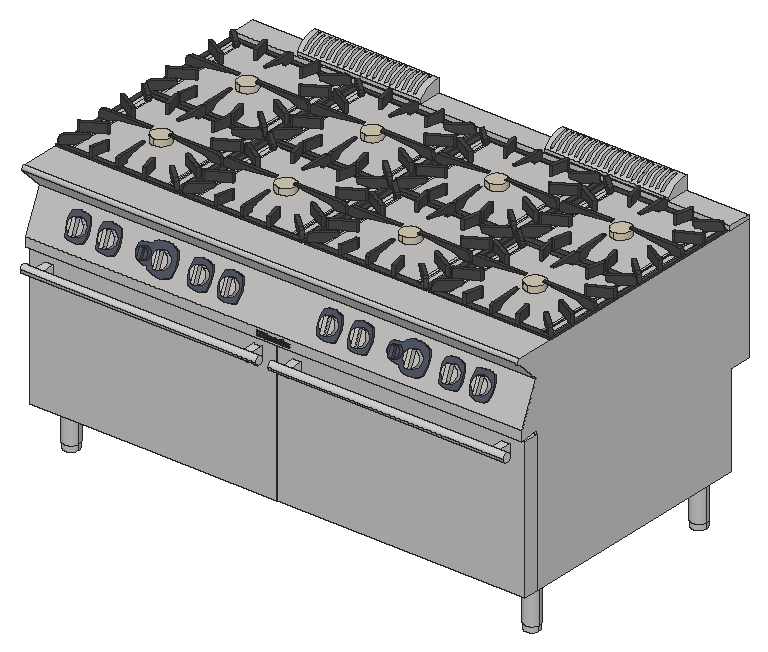
Revit family "QF_ELECTROLUXPROFESSIONAL_391017_E9GCGP8CG0", category Specialty Equipment, Revit 2018 (continued)
Definition of nested family "371009_BURNER"
  Lines and regions (mm)
    symbolic lines
      curve 28: line (191.85, -11.007, 150) -> (201.85, -11.007, 150)
      curve 29: line (191.85, -0.794, 150) -> (201.85, -0.794, 150)
      curve 30: line (201.85, -340.6, 150) -> (275.077, -340.6, 150)
      curve 31: arc (196.85, -145.397, 0) -> (166.955, -172.888, 0) -> (191.85, -204.977, 0) r 30
      curve 32: arc (201.85, -204.977, 0) -> (226.745, -172.888, 0) -> (196.85, -145.397, 0) r 30
      curve 33: arc (158.678, -180.397, 0) -> (170.734, -200.207, 0) -> (191.85, -209.795, 0) r 39.375
      curve 34: line (163.825, -170.397, 150) -> (163.825, -15, 150)
      curve 35: line (229.875, -170.397, 150) -> (229.875, -15, 150)
      curve 36: line (144.775, -170.397, 150) -> (144.775, -15, 150)
      curve 37: line (248.925, -170.397, 150) -> (248.925, -15, 150)
      curve 38: arc (145.678, -180.397, 0) -> (161.728, -209.187, 0) -> (191.85, -222.573, 0) r 52.075
      curve 39: arc (201.85, -209.795, 0) -> (222.966, -200.207, 0) -> (235.022, -180.397, 0) r 39.375
      curve 40: arc (201.85, -222.573, 0) -> (231.931, -209.224, 0) -> (248.001, -180.504, 0) r 52.075
      curve 41: line (393.7, 0, 0) -> (0, 0, 0)
      curve 42: line (70.445, -122.149, 0) -> (7.81, -87.734, 0)
      curve 43: arc (7.81, -87.734, 0) -> (1.021, -89.708, 0) -> (2.995, -96.498, 0) r 5
      curve 44: line (2.995, -96.498, 0) -> (65.629, -130.914, 0)
      curve 45: arc (65.629, -130.914, 0) -> (72.419, -128.939, 0) -> (70.445, -122.149, 0) r 5
      curve 46: line (65.629, -224.686, 0) -> (2.995, -259.102, 0)
      curve 47: arc (2.995, -259.102, 0) -> (1.021, -265.892, 0) -> (7.81, -267.866, 0) r 5
      curve 48: line (7.81, -267.866, 0) -> (70.445, -233.451, 0)
      curve 49: arc (70.445, -233.451, 0) -> (72.419, -226.661, 0) -> (65.629, -224.686, 0) r 5
      curve 50: line (323.255, -122.149, 0) -> (385.89, -87.734, 0)
      curve 51: arc (385.89, -87.734, 0) -> (392.679, -89.708, 0) -> (390.705, -96.498, 0) r 5
      curve 52: line (390.705, -96.498, 0) -> (328.071, -130.914, 0)
      curve 53: arc (328.071, -130.914, 0) -> (321.281, -128.939, 0) -> (323.255, -122.149, 0) r 5
      curve 54: line (328.071, -224.686, 0) -> (390.705, -259.102, 0)
      curve 55: arc (390.705, -259.102, 0) -> (392.679, -265.892, 0) -> (385.89, -267.866, 0) r 5
      curve 56: line (385.89, -267.866, 0) -> (323.255, -233.451, 0)
      curve 57: arc (323.255, -233.451, 0) -> (321.281, -226.661, 0) -> (328.071, -224.686, 0) r 5
      curve 58: line (118.623, -340.6, 150) -> (191.85, -340.6, 150)
      curve 59: line (285.34, -340.6, 150) -> (369.633, -340.6, 150)
      curve 60: line (378.7, -335.314, 0) -> (378.7, -263.916, 0)
      curve 61: line (1.326, -7.935, 0) -> (58.752, -59.804, 0)
      curve 62: line (65.455, -52.383, 0) -> (8.029, -0.514, 0)
      curve 63: arc (58.752, -59.804, 0) -> (65.814, -59.445, 0) -> (65.455, -52.383, 0) r 5
      curve 64: line (1.326, -7.935, 0) -> (8.029, -0.514, 0)
      curve 65: line (392.374, -7.935, 0) -> (334.948, -59.804, 0)
      curve 66: line (328.245, -52.383, 0) -> (385.671, -0.514, 0)
      curve 67: arc (334.948, -59.804, 0) -> (327.886, -59.445, 0) -> (328.245, -52.383, 0) r 5
      curve 68: line (392.374, -7.935, 0) -> (385.671, -0.514, 0)
      curve 69: line (392.374, -347.665, 0) -> (334.948, -295.796, 0)
      curve 70: line (328.245, -303.217, 0) -> (385.671, -355.086, 0)
      curve 71: arc (334.948, -295.796, 0) -> (327.886, -296.155, 0) -> (328.245, -303.217, 0) r 5
      curve 72: line (392.374, -347.665, 0) -> (385.671, -355.086, 0)
      curve 73: line (1.326, -347.665, 0) -> (58.752, -295.796, 0)
      curve 74: line (65.455, -303.217, 0) -> (8.029, -355.086, 0)
      curve 75: arc (58.752, -295.796, 0) -> (65.814, -296.155, 0) -> (65.455, -303.217, 0) r 5
      curve 76: line (1.326, -347.665, 0) -> (8.029, -355.086, 0)
      curve 77: line (347.901, -15, 0) -> (347.901, -34.629, 0)
      curve 78: line (347.901, -320.971, 0) -> (347.901, -340.6, 0)
      curve 79: line (378.7, -252.506, 0) -> (378.7, -180.397, 0)
      curve 80: line (347.901, -246.993, 0) -> (347.901, -307.496, 0)
      curve 81: line (378.7, -170.397, 0) -> (378.7, -103.094, 0)
      curve 82: line (347.901, -180.397, 0) -> (347.901, -235.582, 0)
      curve 83: line (378.7, -91.684, 0) -> (378.7, -20.286, 0)
      curve 84: line (347.901, -120.018, 0) -> (347.901, -170.397, 0)
      curve 85: line (347.901, -48.104, 0) -> (347.901, -108.607, 0)
      curve 86: line (275.077, -15, 150) -> (201.85, -15, 150)
      curve 87: line (108.36, -15, 150) -> (24.067, -15, 150)
      curve 88: line (45.799, -40, 150) -> (45.799, -15, 150)
      curve 89: line (45.799, -108.607, 150) -> (45.799, -40, 150)
      curve 90: line (15, -20.286, 0) -> (15, -91.684, 0)
      curve 91: line (15, -103.094, 0) -> (15, -170.397, 0)
      curve 92: line (45.799, -170.397, 150) -> (45.799, -120.018, 150)
      curve 93: line (45.799, -235.582, 150) -> (45.799, -180.397, 150)
      curve 94: line (15, -263.916, 150) -> (15, -335.314, 150)
      curve 95: line (45.799, -307.496, 150) -> (45.799, -246.993, 150)
      curve 96: line (116.378, -350.325, 0) -> (127.56, -301.889, 0)
      curve 97: arc (127.56, -301.889, 0) -> (123.813, -295.892, 0) -> (117.816, -299.64, 0) r 5
      curve 98: line (117.816, -299.64, 0) -> (106.634, -348.076, 0)
      curve 99: arc (106.634, -348.076, 0) -> (110.381, -354.072, 0) -> (116.378, -350.325, 0) r 5
      curve 100: line (266.14, -301.889, 0) -> (277.322, -350.325, 0)
      curve 101: arc (277.322, -350.325, 0) -> (283.319, -354.072, 0) -> (287.066, -348.076, 0) r 5
      curve 102: line (287.066, -348.076, 0) -> (275.884, -299.64, 0)
      curve 103: arc (275.884, -299.64, 0) -> (269.887, -295.892, 0) -> (266.14, -301.889, 0) r 5
      curve 104: line (275.884, -55.96, 0) -> (287.066, -7.524, 0)
      curve 105: arc (287.066, -7.524, 0) -> (283.319, -1.528, 0) -> (277.322, -5.275, 0) r 5
      curve 106: line (277.322, -5.275, 0) -> (266.14, -53.711, 0)
      curve 107: arc (266.14, -53.711, 0) -> (269.887, -59.708, 0) -> (275.884, -55.96, 0) r 5
      curve 108: line (127.56, -53.711, 0) -> (116.378, -5.275, 0)
      curve 109: arc (116.378, -5.275, 0) -> (110.381, -1.528, 0) -> (106.634, -7.524, 0) r 5
      curve 110: line (106.634, -7.524, 0) -> (117.816, -55.96, 0)
      curve 111: arc (117.816, -55.96, 0) -> (123.813, -59.708, 0) -> (127.56, -53.711, 0) r 5
  Dimensions and locks
    equal spacing: plane 3 "LEFT", plane 7 "Center Y", plane 4 "RIGHT"
    plane 3 "LEFT" to plane 4 "RIGHT" = 393.7 mm
    equal spacing: plane 5 "FRONT", plane 8 "Center X", plane 1 "BACK"
    plane 5 "FRONT" to plane 1 "BACK" = 355.6 mm
    plane 6 "TOP" to level = 908.85 mm
    plane 9 "Base" to level = 150 mm
    plane 6 "TOP" to plane 10 = 58 mm  (x2)
    locked: Extrusion 4 sketch curve to plane 7 "Center Y" at 0
    aligned and locked: level to plane 2
  Automatic sketch dimensions
    curve 10 to plane 4 "RIGHT" = 0 mm
    curve 20 to plane 7 "Center Y" = 0 mm
    curve 19 to plane 7 "Center Y" = 0 mm
    curve 9 to plane 3 "LEFT" = 0 mm
    plane 1 "BACK" to curve 2 = 0 mm
    plane 1 "BACK" to curve 3 = 0 mm
    plane 5 "FRONT" to curve 2 = 0 mm
    curve 4 to plane 4 "RIGHT" = 24.067 mm
    curve 59 to plane 4 "RIGHT" = 24.067 mm
    plane 1 "BACK" to curve 37 = 15 mm
    plane 7 "Center Y" to curve 37 = 52.075 mm
    curve 37 to curve 7 = 12.7 mm
    curve 7 to curve 35 = 6.35 mm
    plane 8 "Center X" to curve 15 = 2.35 mm
    curve 35 to curve 15 = 1.6 mm
    plane 7 "Center Y" to curve 23 = 16.236 mm
    curve 23 to curve 23 = 0 mm
    curve 23 to curve 23 = 2.56 mm
    curve 23 to curve 24 = 4.607 mm
    plane 7 "Center Y" to curve 86 = 5 mm
    plane 7 "Center Y" to curve 27 = 5 mm
    curve 22 to plane 7 "Center Y" = 8.531 mm
    curve 22 to curve 25 = 4.597 mm
    curve 25 to curve 25 = 2.194 mm  (x2)
    curve 9 to plane 8 "Center X" = 2.597 mm
    curve 17 to curve 9 = 24.626 mm
    curve 21 to curve 34 = 28.025 mm
    curve 34 to curve 6 = 6.35 mm
    plane 8 "Center X" to curve 36 = 7.403 mm
    curve 6 to curve 36 = 12.7 mm
    plane 3 "LEFT" to curve 12 = 45.799 mm
    plane 3 "LEFT" to curve 87 = 24.067 mm
    plane 3 "LEFT" to curve 5 = 24.067 mm
    plane 1 "BACK" to curve 26 = 0.794 mm
    curve 28 to curve 86 = 3.993 mm
    curve 28 to curve 21 = 3.993 mm
    curve 86 to curve 22 = 14.042 mm
    curve 22 to curve 24 = 0.81 mm
    curve 22 to curve 23 = 17.925 mm
    curve 25 to curve 22 = 3.035 mm
    plane 8 "Center X" to curve 26 = 43.244 mm
    curve 15 to curve 15 = 5.054 mm
    plane 8 "Center X" to curve 17 = 1.126 mm
    curve 94 to curve 12 = 5.286 mm
    curve 58 to plane 5 "FRONT" = 15 mm
    curve 59 to plane 5 "FRONT" = 15 mm
    curve 8 to plane 5 "FRONT" = 5.6 mm
    plane 3 "LEFT" to Extrusion 1 sketch curve = 0.709 mm
    plane 3 "LEFT" to Extrusion 1 sketch curve = 3.327 mm
    Extrusion 1 sketch curve to Extrusion 1 sketch curve = 10.201 mm
    plane 10 to Extrusion 1 sketch curve = 5 mm  (x2)
    Extrusion 1 sketch curve to Extrusion 1 sketch curve = 29.447 mm
    Extrusion 1 sketch curve to Extrusion 1 sketch curve = 12.704 mm  (x2)
    Extrusion 1 sketch curve to Extrusion 1 sketch curve = 15.555 mm  (x2)
    plane 3 "LEFT" to Extrusion 1 sketch curve = 79.689 mm
    Extrusion 1 sketch curve to plane 7 "Center Y" = 30.161 mm
    Extrusion 1 sketch curve to Extrusion 1 sketch curve = 0.167 mm  (x2)
    plane 7 "Center Y" to Extrusion 1 sketch curve = 29.994 mm
    Extrusion 1 sketch curve to plane 4 "RIGHT" = 79.689 mm
    plane 10 to Extrusion 1 sketch curve = 18.171 mm
    Extrusion 1 sketch curve to plane 4 "RIGHT" = 58.415 mm
    Extrusion 1 sketch curve to plane 4 "RIGHT" = 13.528 mm
    Extrusion 1 sketch curve to plane 4 "RIGHT" = 3.327 mm
    Extrusion 1 sketch curve to plane 4 "RIGHT" = 0.709 mm
    Extrusion 1 sketch curve to Extrusion 1 sketch curve = 23.902 mm  (x2)
    Extrusion 1 sketch curve to plane 6 "TOP" = 26.807 mm  (x2)
    Extrusion 1 sketch curve to Extrusion 1 sketch curve = 1.185 mm  (x2)
    Extrusion 1 sketch curve to Extrusion 1 sketch curve = 5.694 mm
    Extrusion 2 sketch curve to plane 1 "BACK" = 0 mm
    plane 1 "BACK" to Extrusion 2 sketch curve = 10.213 mm
    plane 10 to Extrusion 2 sketch curve = 5 mm  (x2)
    plane 1 "BACK" to Extrusion 2 sketch curve = 29.066 mm
    plane 10 to Extrusion 2 sketch curve = 20.886 mm
    Extrusion 2 sketch curve to Extrusion 2 sketch curve = 22.688 mm  (x2)
    Extrusion 2 sketch curve to plane 10 = 7.392 mm  (x2)
    Extrusion 2 sketch curve to plane 6 "TOP" = 24.425 mm
    Extrusion 2 sketch curve to Extrusion 2 sketch curve = 51.752 mm
    Extrusion 2 sketch curve to plane 6 "TOP" = 26.807 mm  (x2)
    Extrusion 2 sketch curve to Extrusion 2 sketch curve = 0.167 mm  (x2)
    Extrusion 2 sketch curve to plane 8 "Center X" = 68.528 mm
    Extrusion 2 sketch curve to plane 5 "FRONT" = 60.248 mm
    Extrusion 2 sketch curve to Extrusion 2 sketch curve = 2.895 mm
    Extrusion 2 sketch curve to plane 5 "FRONT" = 15.813 mm
    Extrusion 2 sketch curve to plane 5 "FRONT" = 5.6 mm
    Extrusion 2 sketch curve to Extrusion 2 sketch curve = 4.731 mm
    Extrusion 2 sketch curve to Extrusion 2 sketch curve = 23.844 mm
    Extrusion 2 sketch curve to Extrusion 2 sketch curve = 1.185 mm
    plane 1 "BACK" to Extrusion 3 sketch curve = 0 mm
    Extrusion 3 sketch curve to plane 3 "LEFT" = 0 mm
    plane 5 "FRONT" to Extrusion 3 sketch curve = 0 mm
    Extrusion 3 sketch curve to plane 4 "RIGHT" = 0 mm
    plane 1 "BACK" to Extrusion 3 sketch curve = 15 mm
    Extrusion 3 sketch curve to plane 5 "FRONT" = 15 mm
    plane 3 "LEFT" to Extrusion 3 sketch curve = 15 mm
    Extrusion 3 sketch curve to plane 4 "RIGHT" = 15 mm
    Extrusion 3 to Extrusion 4 sketch curve = 159.603 mm
    Extrusion 5 sketch curve to plane 10 = 0 mm
    plane 3 "LEFT" to Extrusion 5 sketch curve = 15 mm
    Extrusion 5 sketch curve to Extrusion 5 sketch curve = 14.402 mm
    plane 10 to Extrusion 5 sketch curve = 5 mm
    Extrusion 5 sketch curve to Extrusion 5 sketch curve = 15.156 mm
    plane 10 to Extrusion 5 sketch curve = 2.933 mm  (x3)
    Extrusion 5 sketch curve to Extrusion 5 sketch curve = 7.716 mm  (x2)
    Extrusion 5 sketch curve to Extrusion 5 sketch curve = 0 mm  (x3)
    Extrusion 5 sketch curve to Extrusion 5 sketch curve = 1.692 mm  (x2)
    Extrusion 5 sketch curve to Extrusion 5 sketch curve = 3.385 mm  (x2)
    Extrusion 5 sketch curve to plane 10 = 3.559 mm  (x2)
    plane 10 to Extrusion 5 sketch curve = 3.679 mm
    Extrusion 5 sketch curve to plane 4 "RIGHT" = 45.799 mm
    Extrusion 5 sketch curve to Extrusion 5 sketch curve = 1.143 mm
    Extrusion 5 sketch curve to plane 10 = 13.244 mm
    Extrusion 5 sketch curve to plane 4 "RIGHT" = 15 mm
    plane 10 to Extrusion 6 sketch curve = 5 mm  (x2)
    Extrusion 6 sketch curve to Extrusion 6 sketch curve = 2.692 mm  (x2)
    Extrusion 6 sketch curve to Extrusion 6 sketch curve = 10.213 mm  (x2)
    plane 10 to Extrusion 6 sketch curve = 12.281 mm
    Extrusion 6 sketch curve to Extrusion 6 sketch curve = 29.348 mm  (x2)
    Extrusion 6 sketch curve to Extrusion 6 sketch curve = 3.155 mm  (x2)
    Extrusion 6 sketch curve to Extrusion 6 sketch curve = 22.572 mm
    Extrusion 6 sketch curve to Extrusion 6 sketch curve = 8.81 mm
    Extrusion 6 sketch curve to Extrusion 6 sketch curve = 9.845 mm  (x2)
    Extrusion 6 sketch curve to Extrusion 6 sketch curve = 3.99 mm  (x2)
    Extrusion 6 sketch curve to Extrusion 6 sketch curve = 0 mm  (x2)
    Extrusion 6 sketch curve to Extrusion 6 sketch curve = 49.533 mm
    Extrusion 6 sketch curve to plane 10 = 64.377 mm
    Extrusion 6 sketch curve to Extrusion 6 sketch curve = 326.397 mm
    Extrusion 6 sketch curve to plane 6 "TOP" = 28.141 mm
    Extrusion 6 sketch curve to Extrusion 6 sketch curve = 16.281 mm
    Extrusion 6 sketch curve to Extrusion 6 sketch curve = 1.035 mm
    Extrusion 6 sketch curve to Extrusion 6 sketch curve = 19.417 mm
    Extrusion 6 sketch curve to Extrusion 6 sketch curve = 4.763 mm  (x2)
    Extrusion 6 sketch curve to Extrusion 6 sketch curve = 3.716 mm
    plane 10 to Extrusion 7 sketch curve = 5 mm  (x2)
    Extrusion 7 sketch curve to Extrusion 7 sketch curve = 2.692 mm  (x2)
    Extrusion 7 sketch curve to Extrusion 7 sketch curve = 10.213 mm  (x2)
    plane 10 to Extrusion 7 sketch curve = 12.281 mm
    Extrusion 7 sketch curve to Extrusion 7 sketch curve = 29.348 mm  (x2)
    Extrusion 7 sketch curve to Extrusion 7 sketch curve = 3.155 mm  (x2)
    Extrusion 7 sketch curve to Extrusion 7 sketch curve = 22.572 mm
    Extrusion 7 sketch curve to Extrusion 7 sketch curve = 8.81 mm
    Extrusion 7 sketch curve to Extrusion 7 sketch curve = 9.845 mm  (x2)
    Extrusion 7 sketch curve to Extrusion 7 sketch curve = 3.99 mm  (x2)
    Extrusion 7 sketch curve to Extrusion 7 sketch curve = 0 mm  (x2)
    Extrusion 7 sketch curve to Extrusion 7 sketch curve = 21.306 mm
    Extrusion 7 sketch curve to plane 10 = 64.377 mm  (x2)
    Extrusion 7 sketch curve to Extrusion 7 sketch curve = 326.397 mm
    Extrusion 7 sketch curve to plane 6 "TOP" = 28.141 mm
    Extrusion 7 sketch curve to Extrusion 7 sketch curve = 16.281 mm
    Extrusion 7 sketch curve to Extrusion 7 sketch curve = 1.035 mm
    Extrusion 7 sketch curve to Extrusion 7 sketch curve = 19.417 mm
    Extrusion 7 sketch curve to Extrusion 7 sketch curve = 7.281 mm
    Extrusion 7 sketch curve to Extrusion 7 sketch curve = 10.713 mm
    curve 58 to curve 12 = 72.824 mm
    curve 30 to curve 30 = 73.227 mm
    curve 58 to curve 5 = 10.263 mm
    curve 5 to curve 58 = 0 mm
    curve 59 to curve 30 = 10.263 mm
    curve 30 to curve 8 = 9.4 mm
    curve 31 to curve 32 = 0 mm
    curve 33 to curve 38 = 0 mm  (x2)
    curve 33 to curve 39 = 0 mm  (x2)
    curve 33 to curve 40 = 0 mm  (x2)
    plane 1 "BACK" to curve 41 = 0 mm
    curve 41 to plane 3 "LEFT" = 0 mm
    curve 31 to plane 7 "Center Y" = 0 mm
    curve 33 to plane 7 "Center Y" = 0 mm
    curve 41 to plane 4 "RIGHT" = 0 mm
    plane 3 "LEFT" to curve 76 = 1.326 mm
    plane 3 "LEFT" to curve 64 = 1.326 mm
    plane 3 "LEFT" to curve 44 = 2.995 mm
    plane 3 "LEFT" to curve 46 = 2.995 mm
    curve 43 to curve 43 = 2.408 mm
    curve 46 to curve 47 = 2.408 mm
    curve 47 to curve 47 = 2.408 mm
    curve 43 to curve 42 = 2.408 mm
    curve 76 to plane 5 "FRONT" = 0.514 mm
    plane 3 "LEFT" to curve 76 = 8.029 mm
    plane 1 "BACK" to curve 62 = 0.514 mm
    plane 3 "LEFT" to curve 62 = 8.029 mm
    curve 48 to curve 75 = 50.941 mm
    curve 43 to curve 63 = 50.941 mm
    curve 75 to curve 75 = 3.351 mm
    curve 63 to curve 63 = 3.351 mm
    plane 1 "BACK" to curve 62 = 52.383 mm
    curve 63 to curve 62 = 3.351 mm
    curve 74 to plane 5 "FRONT" = 52.383 mm
    curve 75 to curve 74 = 3.351 mm
    plane 3 "LEFT" to curve 46 = 65.629 mm
    plane 3 "LEFT" to curve 44 = 65.629 mm
    curve 45 to curve 45 = 2.408 mm
    curve 46 to curve 49 = 2.408 mm
    curve 49 to curve 48 = 2.408 mm
    curve 45 to curve 42 = 2.408 mm
    curve 38 to plane 8 "Center X" = 2.597 mm
    curve 38 to plane 7 "Center Y" = 51.172 mm
    curve 33 to plane 8 "Center X" = 2.597 mm
    curve 38 to curve 33 = 12.999 mm
    curve 33 to plane 7 "Center Y" = 5 mm
    curve 38 to plane 7 "Center Y" = 5 mm
    curve 31 to curve 33 = 0 mm
    plane 7 "Center Y" to curve 32 = 5 mm
    plane 7 "Center Y" to curve 40 = 5 mm
    curve 39 to curve 32 = 0 mm
    curve 39 to plane 8 "Center X" = 2.597 mm
    plane 7 "Center Y" to curve 39 = 38.172 mm
    curve 40 to plane 8 "Center X" = 2.704 mm
    curve 39 to curve 40 = 12.979 mm
    curve 50 to plane 4 "RIGHT" = 70.445 mm
    curve 57 to plane 4 "RIGHT" = 70.445 mm
    curve 50 to curve 53 = 2.408 mm
    curve 57 to curve 57 = 2.408 mm  (x2)
    curve 53 to curve 53 = 2.408 mm
    curve 71 to curve 71 = 3.351 mm
    curve 67 to curve 67 = 3.351 mm
    curve 71 to curve 69 = 3.351 mm
    curve 67 to curve 65 = 3.351 mm
    curve 60 to plane 4 "RIGHT" = 15 mm
    curve 72 to plane 5 "FRONT" = 0.514 mm
    curve 72 to plane 4 "RIGHT" = 8.029 mm
    plane 1 "BACK" to curve 68 = 0.514 mm
    curve 68 to plane 4 "RIGHT" = 8.029 mm
    curve 50 to plane 4 "RIGHT" = 7.81 mm
    curve 55 to plane 4 "RIGHT" = 7.81 mm
    curve 55 to curve 55 = 2.408 mm
    curve 50 to curve 51 = 2.408 mm
    curve 55 to plane 4 "RIGHT" = 2.995 mm
    curve 51 to plane 4 "RIGHT" = 2.995 mm
    curve 69 to plane 4 "RIGHT" = 1.326 mm
    curve 65 to plane 4 "RIGHT" = 1.326 mm
    curve 72 to plane 5 "FRONT" = 7.935 mm
    curve 60 to plane 5 "FRONT" = 20.286 mm
    curve 71 to curve 56 = 27.93 mm
    curve 73 to curve 48 = 27.93 mm
    curve 47 to curve 47 = 4.382 mm
    curve 55 to curve 55 = 4.382 mm
    curve 56 to plane 8 "Center X" = 55.651 mm
    curve 48 to plane 8 "Center X" = 55.651 mm
    curve 57 to curve 57 = 4.382 mm
    curve 49 to curve 49 = 4.382 mm
    curve 40 to plane 8 "Center X" = 44.773 mm
    curve 39 to curve 32 = 4.818 mm
    plane 8 "Center X" to curve 31 = 2.403 mm
    plane 8 "Center X" to curve 45 = 46.886 mm
    plane 8 "Center X" to curve 52 = 46.886 mm
    curve 53 to curve 53 = 4.382 mm
    curve 45 to curve 45 = 4.382 mm
    curve 53 to curve 52 = 34.416 mm
    curve 44 to curve 61 = 36.694 mm
    curve 43 to curve 43 = 4.382 mm
    curve 51 to curve 51 = 4.382 mm
    curve 51 to curve 65 = 27.93 mm
    plane 1 "BACK" to curve 83 = 20.286 mm
    plane 1 "BACK" to curve 88 = 15 mm
    plane 1 "BACK" to curve 77 = 15 mm
    curve 77 to curve 83 = 30.799 mm
    curve 78 to plane 5 "FRONT" = 15 mm
    curve 80 to curve 71 = 7.989 mm
    curve 78 to curve 60 = 30.799 mm
    curve 78 to curve 80 = 13.475 mm
    curve 55 to curve 79 = 10.979 mm
    curve 82 to curve 57 = 6.514 mm
    curve 80 to curve 78 = 0 mm
    curve 80 to curve 82 = 11.41 mm
    curve 77 to curve 66 = 37.77 mm
    curve 60 to curve 79 = 11.41 mm
    plane 8 "Center X" to curve 81 = 7.403 mm
    plane 8 "Center X" to curve 84 = 7.403 mm
    curve 82 to plane 8 "Center X" = 2.597 mm
    curve 82 to curve 84 = 0 mm
    curve 79 to plane 8 "Center X" = 2.597 mm
    curve 79 to curve 81 = 0 mm
    curve 81 to curve 51 = 10.979 mm
    curve 53 to curve 85 = 17.924 mm
    curve 84 to curve 81 = 30.799 mm
    curve 84 to curve 85 = 11.41 mm
    curve 52 to curve 84 = 19.83 mm
    curve 81 to curve 83 = 11.41 mm
    curve 67 to curve 85 = 7.989 mm
    curve 85 to curve 77 = 0 mm
    curve 85 to curve 77 = 13.475 mm
    curve 86 to curve 37 = 26.152 mm
    curve 4 to curve 86 = 10.263 mm
    curve 86 to curve 4 = 0 mm
    curve 36 to curve 21 = 26.152 mm
    curve 88 to curve 88 = 25 mm
    plane 8 "Center X" to curve 89 = 69.193 mm
    curve 43 to curve 90 = 9.597 mm
    curve 43 to curve 90 = 0.432 mm
    plane 1 "BACK" to curve 90 = 20.286 mm
    curve 93 to plane 8 "Center X" = 2.597 mm
    plane 8 "Center X" to curve 91 = 7.403 mm
    curve 95 to plane 8 "Center X" = 69.193 mm
    curve 93 to curve 94 = 28.333 mm
    curve 95 to curve 12 = 33.104 mm
    curve 21 to curve 87 = 10.263 mm
    curve 87 to curve 21 = 0 mm
    curve 91 to curve 90 = 11.41 mm
    curve 89 to curve 87 = 21.732 mm
    curve 89 to curve 92 = 11.41 mm
    curve 92 to curve 89 = 0 mm
    plane 8 "Center X" to curve 92 = 7.403 mm
    curve 91 to curve 90 = 0 mm
    curve 93 to curve 95 = 0 mm
    curve 93 to curve 95 = 11.41 mm
    curve 11 to curve 94 = 0 mm
    curve 11 to curve 94 = 11.41 mm
    curve 95 to curve 11 = 30.799 mm
    curve 95 to curve 12 = 13.475 mm
    plane 3 "LEFT" to curve 95 = 45.799 mm
    curve 95 to curve 5 = 33.104 mm
    Extrusion 8 sketch curve to Extrusion 3 = 5.275 mm  (x2)
    Extrusion 8 sketch curve to Extrusion 8 sketch curve = 1.125 mm  (x16)
    Extrusion 3 to Extrusion 8 sketch curve = 38.711 mm  (x2)
    Extrusion 8 sketch curve to Extrusion 3 = 7.19 mm  (x3)
    Extrusion 3 to Extrusion 8 sketch curve = 72.734 mm  (x2)
    Extrusion 8 sketch curve to Extrusion 8 sketch curve = 4.382 mm  (x16)
    Extrusion 8 sketch curve to Extrusion 3 = 2.995 mm  (x4)
    Extrusion 8 sketch curve to Extrusion 8 sketch curve = 34.416 mm  (x4)
    Extrusion 3 to Extrusion 8 sketch curve = 50.629 mm  (x3)
    Extrusion 8 sketch curve to Extrusion 8 sketch curve = 93.773 mm  (x2)
    Extrusion 3 to Extrusion 8 sketch curve = 40.96 mm  (x2)
    Extrusion 8 sketch curve to Extrusion 3 = 7.476 mm  (x2)
    Extrusion 8 sketch curve to Extrusion 8 sketch curve = 2.408 mm  (x4)
    Extrusion 3 to Extrusion 8 sketch curve = 91.634 mm  (x2)
    Extrusion 8 sketch curve to Extrusion 8 sketch curve = 4.872 mm  (x8)
    Extrusion 8 sketch curve to Extrusion 8 sketch curve = 11.182 mm  (x4)
    Extrusion 3 to Extrusion 8 sketch curve = 112.56 mm
    Extrusion 8 sketch curve to Extrusion 8 sketch curve = 61.931 mm
    Extrusion 3 to Extrusion 8 sketch curve = 55.445 mm
    Extrusion 8 sketch curve to Extrusion 8 sketch curve = 4.816 mm
    curve 67 to curve 85 = 19.656 mm
    curve 71 to curve 80 = 19.656 mm
    curve 99 to plane 5 "FRONT" = 7.524 mm
    curve 74 to curve 99 = 41.179 mm
    curve 98 to curve 99 = 4.872 mm
    curve 96 to plane 5 "FRONT" = 5.275 mm
    curve 99 to curve 96 = 4.872 mm
    curve 99 to curve 98 = 11.182 mm
    curve 98 to curve 97 = 4.872 mm
    curve 96 to plane 5 "FRONT" = 53.711 mm
    curve 97 to curve 96 = 4.872 mm
    curve 97 to curve 97 = 1.125 mm
    curve 103 to curve 70 = 62.105 mm
    curve 103 to curve 103 = 4.872 mm  (x2)
    curve 100 to plane 5 "FRONT" = 5.275 mm
    curve 100 to curve 100 = 11.182 mm
    curve 101 to curve 101 = 4.872 mm
    curve 102 to plane 5 "FRONT" = 7.524 mm
    curve 101 to curve 102 = 4.872 mm
    curve 100 to curve 100 = 48.436 mm
    curve 103 to curve 103 = 1.125 mm
    curve 106 to curve 67 = 62.105 mm
    curve 107 to curve 107 = 4.872 mm
    plane 1 "BACK" to curve 104 = 55.96 mm
    curve 107 to curve 104 = 4.872 mm
    plane 1 "BACK" to curve 105 = 5.275 mm
    curve 107 to curve 105 = 11.182 mm
    curve 105 to curve 105 = 4.872 mm  (x2)
    curve 107 to curve 107 = 1.125 mm
    plane 1 "BACK" to curve 104 = 7.524 mm
    plane 1 "BACK" to curve 109 = 7.524 mm
    curve 62 to curve 109 = 41.179 mm
    curve 109 to curve 109 = 4.872 mm
    plane 1 "BACK" to curve 108 = 5.275 mm
    curve 109 to curve 108 = 4.872 mm
    curve 110 to curve 111 = 11.182 mm
    curve 110 to curve 111 = 4.872 mm
    plane 1 "BACK" to curve 108 = 53.711 mm
    curve 111 to curve 108 = 4.872 mm
    curve 111 to curve 108 = 2.25 mm
    radius of Extrusion 4 sketch curve = 30 mm
